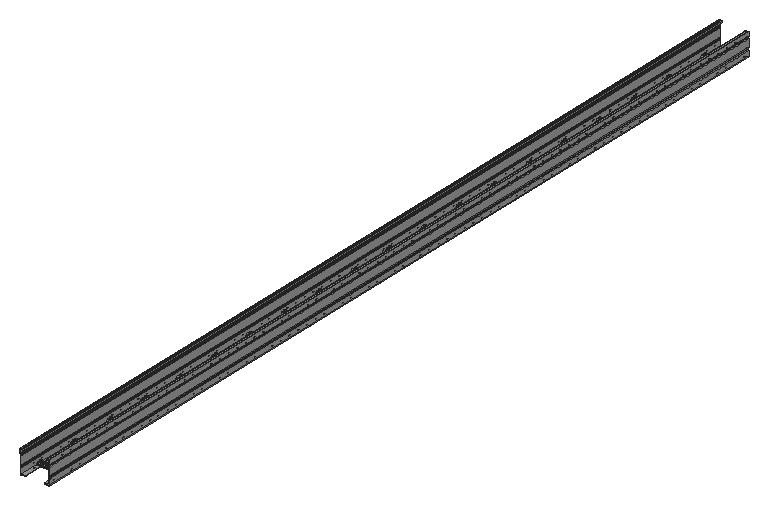
Revit family "Weitspannkabelleiter WKLG1620 FT,FS FT SO A4.23.08", category Generic Models, Revit 2017 (continued)
Dimensions and locks
  locked: Extrusion 16 sketch curve to Extrusion 16 sketch curve at 9
  locked: Extrusion 16 sketch curve to Extrusion 16 sketch curve at 25
  locked: Extrusion 17 sketch curve to Extrusion 17 sketch curve at 9
  locked: Extrusion 17 sketch curve to Extrusion 17 sketch curve at 25
  locked: Extrusion 18 sketch curve to Extrusion 18 sketch curve at 9
  locked: Extrusion 18 sketch curve to Extrusion 18 sketch curve at 25
  locked: Extrusion 19 sketch curve to Extrusion 19 sketch curve at 9
  locked: Extrusion 19 sketch curve to Extrusion 19 sketch curve at 25
  locked: Extrusion 20 sketch curve to Extrusion 20 sketch curve at 9
  locked: Extrusion 20 sketch curve to Extrusion 20 sketch curve at 25
  locked: Extrusion 21 sketch curve to Extrusion 21 sketch curve at 9
  locked: Extrusion 21 sketch curve to Extrusion 21 sketch curve at 25
  locked: Extrusion 22 sketch curve to Extrusion 22 sketch curve at 9
  locked: Extrusion 22 sketch curve to Extrusion 22 sketch curve at 25
  locked: Extrusion 23 sketch curve to Extrusion 23 sketch curve at 9
  locked: Extrusion 23 sketch curve to Extrusion 23 sketch curve at 25
  locked: Extrusion 24 sketch curve to Extrusion 24 sketch curve at 9
  locked: Extrusion 24 sketch curve to Extrusion 24 sketch curve at 25
  locked: Extrusion 25 sketch curve to Extrusion 25 sketch curve at 9
  locked: Extrusion 25 sketch curve to Extrusion 25 sketch curve at 25
  locked: Extrusion 26 sketch curve to Extrusion 26 sketch curve at 9
  locked: Extrusion 26 sketch curve to Extrusion 26 sketch curve at 25
  locked: Extrusion 27 sketch curve to Extrusion 27 sketch curve at 9
  locked: Extrusion 27 sketch curve to Extrusion 27 sketch curve at 25
  locked: Extrusion 28 sketch curve to Extrusion 28 sketch curve at 9
  locked: Extrusion 28 sketch curve to Extrusion 28 sketch curve at 25
  locked: Extrusion 29 sketch curve to Extrusion 29 sketch curve at 9
  locked: Extrusion 29 sketch curve to Extrusion 29 sketch curve at 25
  locked: Extrusion 30 sketch curve to Extrusion 30 sketch curve at 9
  locked: Extrusion 30 sketch curve to Extrusion 30 sketch curve at 25
  locked: Extrusion 31 sketch curve to Extrusion 31 sketch curve at 9
  locked: Extrusion 31 sketch curve to Extrusion 31 sketch curve at 25
  locked: Extrusion 32 sketch curve to Extrusion 32 sketch curve at 9
  locked: Extrusion 32 sketch curve to Extrusion 32 sketch curve at 25
  locked: Extrusion 33 sketch curve to Extrusion 33 sketch curve at 9
  locked: Extrusion 33 sketch curve to Extrusion 33 sketch curve at 25
  locked: Extrusion 34 sketch curve to Extrusion 34 sketch curve at 9
  locked: Extrusion 34 sketch curve to Extrusion 34 sketch curve at 25
  locked: Extrusion 35 sketch curve to Extrusion 35 sketch curve at 9
  locked: Extrusion 35 sketch curve to Extrusion 35 sketch curve at 25
  locked: Extrusion 36 sketch curve to Extrusion 36 sketch curve at 9
  locked: Extrusion 36 sketch curve to Extrusion 36 sketch curve at 25
  locked: Extrusion 37 sketch curve to Extrusion 37 sketch curve at 9
  locked: Extrusion 37 sketch curve to Extrusion 37 sketch curve at 25
  locked: Extrusion 38 sketch curve to Extrusion 38 sketch curve at 9
  locked: Extrusion 38 sketch curve to Extrusion 38 sketch curve at 25
  locked: Extrusion 39 sketch curve to Extrusion 39 sketch curve at 9
  locked: Extrusion 39 sketch curve to Extrusion 39 sketch curve at 25
  locked: Extrusion 40 sketch curve to Extrusion 40 sketch curve at 9
  locked: Extrusion 40 sketch curve to Extrusion 40 sketch curve at 25
  locked: Extrusion 41 sketch curve to Extrusion 41 sketch curve at 9
  locked: Extrusion 41 sketch curve to Extrusion 41 sketch curve at 25
  locked: Extrusion 42 sketch curve to Extrusion 42 sketch curve at 9
  locked: Extrusion 42 sketch curve to Extrusion 42 sketch curve at 25
  locked: Extrusion 43 sketch curve to Extrusion 43 sketch curve at 9
  locked: Extrusion 43 sketch curve to Extrusion 43 sketch curve at 25
  locked: Extrusion 44 sketch curve to Extrusion 44 sketch curve at 9
  locked: Extrusion 44 sketch curve to Extrusion 44 sketch curve at 25
  locked: Extrusion 45 sketch curve to Extrusion 45 sketch curve at 9
  locked: Extrusion 45 sketch curve to Extrusion 45 sketch curve at 25
  locked: Extrusion 46 sketch curve to Extrusion 46 sketch curve at 9
  locked: Extrusion 46 sketch curve to Extrusion 46 sketch curve at 25
  locked: Extrusion 47 sketch curve to Extrusion 47 sketch curve at 9
  locked: Extrusion 47 sketch curve to Extrusion 47 sketch curve at 25
  locked: Extrusion 48 sketch curve to Extrusion 48 sketch curve at 9
  locked: Extrusion 48 sketch curve to Extrusion 48 sketch curve at 25
  locked: Extrusion 49 sketch curve to Extrusion 49 sketch curve at 9
  locked: Extrusion 49 sketch curve to Extrusion 49 sketch curve at 25
  locked: Extrusion 50 sketch curve to Extrusion 50 sketch curve at 9
  locked: Extrusion 50 sketch curve to Extrusion 50 sketch curve at 25
  locked: Extrusion 51 sketch curve to Extrusion 51 sketch curve at 9
  locked: Extrusion 51 sketch curve to Extrusion 51 sketch curve at 25
  locked: Extrusion 52 sketch curve to Extrusion 52 sketch curve at 9
  locked: Extrusion 52 sketch curve to Extrusion 52 sketch curve at 25
  locked: Extrusion 53 sketch curve to Extrusion 53 sketch curve at 9
  locked: Extrusion 53 sketch curve to Extrusion 53 sketch curve at 25
  locked: Extrusion 54 sketch curve to Extrusion 54 sketch curve at 9
  locked: Extrusion 54 sketch curve to Extrusion 54 sketch curve at 25
  locked: Extrusion 55 sketch curve to Extrusion 55 sketch curve at 9
  locked: Extrusion 55 sketch curve to Extrusion 55 sketch curve at 25
  locked: Extrusion 56 sketch curve to Extrusion 56 sketch curve at 9
  locked: Extrusion 56 sketch curve to Extrusion 56 sketch curve at 25
  locked: Extrusion 57 sketch curve to Extrusion 57 sketch curve at 9
  locked: Extrusion 57 sketch curve to Extrusion 57 sketch curve at 25
  locked: Extrusion 58 sketch curve to Extrusion 58 sketch curve at 9
  locked: Extrusion 58 sketch curve to Extrusion 58 sketch curve at 25
  locked: Extrusion 59 sketch curve to Extrusion 59 sketch curve at 9
  locked: Extrusion 59 sketch curve to Extrusion 59 sketch curve at 25
  locked: Extrusion 60 sketch curve to Extrusion 60 sketch curve at 9
  locked: Extrusion 60 sketch curve to Extrusion 60 sketch curve at 25
  locked: Extrusion 61 sketch curve to Extrusion 61 sketch curve at 9
  locked: Extrusion 61 sketch curve to Extrusion 61 sketch curve at 25
  locked: Extrusion 62 sketch curve to Extrusion 62 sketch curve at 9
  locked: Extrusion 62 sketch curve to Extrusion 62 sketch curve at 25
  locked: Extrusion 63 sketch curve to Extrusion 63 sketch curve at 9
  locked: Extrusion 63 sketch curve to Extrusion 63 sketch curve at 25
  locked: Extrusion 64 sketch curve to Extrusion 64 sketch curve at 9
  locked: Extrusion 64 sketch curve to Extrusion 64 sketch curve at 25
  locked: Extrusion 65 sketch curve to Extrusion 65 sketch curve at 9
  locked: Extrusion 65 sketch curve to Extrusion 65 sketch curve at 25
  locked: Extrusion 66 sketch curve to Extrusion 66 sketch curve at 9
  locked: Extrusion 66 sketch curve to Extrusion 66 sketch curve at 25
  locked: Extrusion 67 sketch curve to Extrusion 67 sketch curve at 9
  locked: Extrusion 67 sketch curve to Extrusion 67 sketch curve at 25
  locked: Extrusion 68 sketch curve to Extrusion 68 sketch curve at 9
  locked: Extrusion 68 sketch curve to Extrusion 68 sketch curve at 25
  locked: Extrusion 69 sketch curve to Extrusion 69 sketch curve at 9
  locked: Extrusion 69 sketch curve to Extrusion 69 sketch curve at 25
  locked: Extrusion 70 sketch curve to Extrusion 70 sketch curve at 9
  locked: Extrusion 70 sketch curve to Extrusion 70 sketch curve at 25
  locked: Extrusion 71 sketch curve to Extrusion 71 sketch curve at 9
  locked: Extrusion 71 sketch curve to Extrusion 71 sketch curve at 25
  locked: Extrusion 72 sketch curve to Extrusion 72 sketch curve at 9
  locked: Extrusion 72 sketch curve to Extrusion 72 sketch curve at 25
  locked: Extrusion 73 sketch curve to Extrusion 73 sketch curve at 9
  locked: Extrusion 73 sketch curve to Extrusion 73 sketch curve at 25
  locked: Extrusion 74 sketch curve to Extrusion 74 sketch curve at 9
  locked: Extrusion 74 sketch curve to Extrusion 74 sketch curve at 25
  locked: Extrusion 75 sketch curve to Extrusion 75 sketch curve at 9
  locked: Extrusion 75 sketch curve to Extrusion 75 sketch curve at 25
  locked: Extrusion 76 sketch curve to Extrusion 76 sketch curve at 9
  locked: Extrusion 76 sketch curve to Extrusion 76 sketch curve at 25
  locked: Extrusion 77 sketch curve to Extrusion 77 sketch curve at 9
  locked: Extrusion 77 sketch curve to Extrusion 77 sketch curve at 25
  locked: Extrusion 78 sketch curve to Extrusion 78 sketch curve at 9
  locked: Extrusion 78 sketch curve to Extrusion 78 sketch curve at 25
  locked: Extrusion 79 sketch curve to Extrusion 79 sketch curve at 9
  locked: Extrusion 79 sketch curve to Extrusion 79 sketch curve at 25
  locked: Extrusion 80 sketch curve to Extrusion 80 sketch curve at 9
  locked: Extrusion 80 sketch curve to Extrusion 80 sketch curve at 25
  locked: Extrusion 81 sketch curve to Extrusion 81 sketch curve at 9
  locked: Extrusion 81 sketch curve to Extrusion 81 sketch curve at 25
  locked: Extrusion 82 sketch curve to Extrusion 82 sketch curve at 9
  locked: Extrusion 82 sketch curve to Extrusion 82 sketch curve at 25
  locked: Extrusion 83 sketch curve to Extrusion 83 sketch curve at 9
  locked: Extrusion 83 sketch curve to Extrusion 83 sketch curve at 25
  equal spacing: group 81, group 82, group 83, group 84, group 85, group 86, group 87, group 88, group 89, group 90, group 91, group 92, group 93, group 94, group 95, group 96, group 97, group 98, group 99, group 100, group 101, group 102, group 103, group 104, group 105, group 106, group 107, group 108, group 109, group 110, group 111, group 112, group 113, group 114, group 115, group 116, group 117, group 118, group 119, group 120, group 121, group 122, group 123, group 124, group 125, group 126, group 127, group 128, group 129, group 130, group 131, group 132, group 133, group 134, group 135, group 136, group 137, group 138, group 139, group 140, group 141, group 142, group 143, group 144, group 145, group 146, group 147, group 148, group 149, group 150, group 151, group 152, group 153, group 154, group 155, group 156, group 157, group 158, group 159, group 160  (x3)
  locked: Extrusion 84 sketch curve to Extrusion 84 sketch curve at 9
  locked: Extrusion 84 sketch curve to Extrusion 84 sketch curve at 25
  locked: Extrusion 85 sketch curve to Extrusion 85 sketch curve at 9
  locked: Extrusion 85 sketch curve to Extrusion 85 sketch curve at 25
  locked: Extrusion 86 sketch curve to Extrusion 86 sketch curve at 9
  locked: Extrusion 86 sketch curve to Extrusion 86 sketch curve at 25
  locked: Extrusion 87 sketch curve to Extrusion 87 sketch curve at 9
  locked: Extrusion 87 sketch curve to Extrusion 87 sketch curve at 25
  locked: Extrusion 88 sketch curve to Extrusion 88 sketch curve at 9
  locked: Extrusion 88 sketch curve to Extrusion 88 sketch curve at 25
  locked: Extrusion 89 sketch curve to Extrusion 89 sketch curve at 9
  locked: Extrusion 89 sketch curve to Extrusion 89 sketch curve at 25
  locked: Extrusion 90 sketch curve to Extrusion 90 sketch curve at 9
  locked: Extrusion 90 sketch curve to Extrusion 90 sketch curve at 25
  locked: Extrusion 91 sketch curve to Extrusion 91 sketch curve at 9
  locked: Extrusion 91 sketch curve to Extrusion 91 sketch curve at 25
  locked: Extrusion 92 sketch curve to Extrusion 92 sketch curve at 9
  locked: Extrusion 92 sketch curve to Extrusion 92 sketch curve at 25
  locked: Extrusion 93 sketch curve to Extrusion 93 sketch curve at 9
  locked: Extrusion 93 sketch curve to Extrusion 93 sketch curve at 25
  locked: Extrusion 94 sketch curve to Extrusion 94 sketch curve at 9
  locked: Extrusion 94 sketch curve to Extrusion 94 sketch curve at 25
  locked: Extrusion 95 sketch curve to Extrusion 95 sketch curve at 9
  locked: Extrusion 95 sketch curve to Extrusion 95 sketch curve at 25
  locked: Extrusion 96 sketch curve to Extrusion 96 sketch curve at 9
  locked: Extrusion 96 sketch curve to Extrusion 96 sketch curve at 25
  locked: Extrusion 97 sketch curve to Extrusion 97 sketch curve at 9
  locked: Extrusion 97 sketch curve to Extrusion 97 sketch curve at 25
  locked: Extrusion 98 sketch curve to Extrusion 98 sketch curve at 9
  locked: Extrusion 98 sketch curve to Extrusion 98 sketch curve at 25
  locked: Extrusion 99 sketch curve to Extrusion 99 sketch curve at 9
  locked: Extrusion 99 sketch curve to Extrusion 99 sketch curve at 25
  locked: Extrusion 100 sketch curve to Extrusion 100 sketch curve at 9
  locked: Extrusion 100 sketch curve to Extrusion 100 sketch curve at 25
  locked: Extrusion 101 sketch curve to Extrusion 101 sketch curve at 9
  locked: Extrusion 101 sketch curve to Extrusion 101 sketch curve at 25
  locked: Extrusion 102 sketch curve to Extrusion 102 sketch curve at 9
  locked: Extrusion 102 sketch curve to Extrusion 102 sketch curve at 25
  locked: Extrusion 103 sketch curve to Extrusion 103 sketch curve at 9
  locked: Extrusion 103 sketch curve to Extrusion 103 sketch curve at 25
  locked: Extrusion 104 sketch curve to Extrusion 104 sketch curve at 9
  locked: Extrusion 104 sketch curve to Extrusion 104 sketch curve at 25
  locked: Extrusion 105 sketch curve to Extrusion 105 sketch curve at 9
  locked: Extrusion 105 sketch curve to Extrusion 105 sketch curve at 25
  locked: Extrusion 106 sketch curve to Extrusion 106 sketch curve at 9
  locked: Extrusion 106 sketch curve to Extrusion 106 sketch curve at 25
  locked: Extrusion 107 sketch curve to Extrusion 107 sketch curve at 9
  locked: Extrusion 107 sketch curve to Extrusion 107 sketch curve at 25
  locked: Extrusion 108 sketch curve to Extrusion 108 sketch curve at 9
  locked: Extrusion 108 sketch curve to Extrusion 108 sketch curve at 25
  locked: Extrusion 109 sketch curve to Extrusion 109 sketch curve at 9
  locked: Extrusion 109 sketch curve to Extrusion 109 sketch curve at 25
  locked: Extrusion 110 sketch curve to Extrusion 110 sketch curve at 9
  locked: Extrusion 110 sketch curve to Extrusion 110 sketch curve at 25
  locked: Extrusion 111 sketch curve to Extrusion 111 sketch curve at 9
  locked: Extrusion 111 sketch curve to Extrusion 111 sketch curve at 25
  locked: Extrusion 112 sketch curve to Extrusion 112 sketch curve at 9
  locked: Extrusion 112 sketch curve to Extrusion 112 sketch curve at 25
  locked: Extrusion 113 sketch curve to Extrusion 113 sketch curve at 9
  locked: Extrusion 113 sketch curve to Extrusion 113 sketch curve at 25
  locked: Extrusion 114 sketch curve to Extrusion 114 sketch curve at 9
  locked: Extrusion 114 sketch curve to Extrusion 114 sketch curve at 25
  locked: Extrusion 115 sketch curve to Extrusion 115 sketch curve at 9
  locked: Extrusion 115 sketch curve to Extrusion 115 sketch curve at 25
  locked: Extrusion 116 sketch curve to Extrusion 116 sketch curve at 9
  locked: Extrusion 116 sketch curve to Extrusion 116 sketch curve at 25
  locked: Extrusion 117 sketch curve to Extrusion 117 sketch curve at 9
  locked: Extrusion 117 sketch curve to Extrusion 117 sketch curve at 25
  locked: Extrusion 118 sketch curve to Extrusion 118 sketch curve at 9
  locked: Extrusion 118 sketch curve to Extrusion 118 sketch curve at 25
  locked: Extrusion 119 sketch curve to Extrusion 119 sketch curve at 9
  locked: Extrusion 119 sketch curve to Extrusion 119 sketch curve at 25
  locked: Extrusion 120 sketch curve to Extrusion 120 sketch curve at 9
  locked: Extrusion 120 sketch curve to Extrusion 120 sketch curve at 25
  locked: Extrusion 121 sketch curve to Extrusion 121 sketch curve at 9
  locked: Extrusion 121 sketch curve to Extrusion 121 sketch curve at 25
  locked: Extrusion 122 sketch curve to Extrusion 122 sketch curve at 9
  locked: Extrusion 122 sketch curve to Extrusion 122 sketch curve at 25
  locked: Extrusion 123 sketch curve to Extrusion 123 sketch curve at 9
  locked: Extrusion 123 sketch curve to Extrusion 123 sketch curve at 25
  locked: Extrusion 124 sketch curve to Extrusion 124 sketch curve at 9
  locked: Extrusion 124 sketch curve to Extrusion 124 sketch curve at 25
  locked: Extrusion 125 sketch curve to Extrusion 125 sketch curve at 9
  locked: Extrusion 125 sketch curve to Extrusion 125 sketch curve at 25
  locked: Extrusion 126 sketch curve to Extrusion 126 sketch curve at 9
  locked: Extrusion 126 sketch curve to Extrusion 126 sketch curve at 25
  locked: Extrusion 127 sketch curve to Extrusion 127 sketch curve at 9
  locked: Extrusion 127 sketch curve to Extrusion 127 sketch curve at 25
  locked: Extrusion 128 sketch curve to Extrusion 128 sketch curve at 9
  locked: Extrusion 128 sketch curve to Extrusion 128 sketch curve at 25
  locked: Extrusion 129 sketch curve to Extrusion 129 sketch curve at 9
  locked: Extrusion 129 sketch curve to Extrusion 129 sketch curve at 25
  locked: Extrusion 130 sketch curve to Extrusion 130 sketch curve at 9
  locked: Extrusion 130 sketch curve to Extrusion 130 sketch curve at 25
  locked: Extrusion 131 sketch curve to Extrusion 131 sketch curve at 9
  locked: Extrusion 131 sketch curve to Extrusion 131 sketch curve at 25
  locked: Extrusion 132 sketch curve to Extrusion 132 sketch curve at 9
  locked: Extrusion 132 sketch curve to Extrusion 132 sketch curve at 25
  locked: Extrusion 133 sketch curve to Extrusion 133 sketch curve at 9
  locked: Extrusion 133 sketch curve to Extrusion 133 sketch curve at 25
  locked: Extrusion 134 sketch curve to Extrusion 134 sketch curve at 9
  locked: Extrusion 134 sketch curve to Extrusion 134 sketch curve at 25
  locked: Extrusion 135 sketch curve to Extrusion 135 sketch curve at 9
  locked: Extrusion 135 sketch curve to Extrusion 135 sketch curve at 25
  locked: Extrusion 136 sketch curve to Extrusion 136 sketch curve at 9
  locked: Extrusion 136 sketch curve to Extrusion 136 sketch curve at 25
  locked: Extrusion 137 sketch curve to Extrusion 137 sketch curve at 9
  locked: Extrusion 137 sketch curve to Extrusion 137 sketch curve at 25
  locked: Extrusion 138 sketch curve to Extrusion 138 sketch curve at 9
  locked: Extrusion 138 sketch curve to Extrusion 138 sketch curve at 25
  locked: Extrusion 139 sketch curve to Extrusion 139 sketch curve at 9
  locked: Extrusion 139 sketch curve to Extrusion 139 sketch curve at 25
  locked: Extrusion 140 sketch curve to Extrusion 140 sketch curve at 9
  locked: Extrusion 140 sketch curve to Extrusion 140 sketch curve at 25
  locked: Extrusion 141 sketch curve to Extrusion 141 sketch curve at 9
  locked: Extrusion 141 sketch curve to Extrusion 141 sketch curve at 25
  locked: Extrusion 142 sketch curve to Extrusion 142 sketch curve at 9
  locked: Extrusion 142 sketch curve to Extrusion 142 sketch curve at 25
  locked: Extrusion 143 sketch curve to Extrusion 143 sketch curve at 9
  locked: Extrusion 143 sketch curve to Extrusion 143 sketch curve at 25
  locked: Extrusion 144 sketch curve to Extrusion 144 sketch curve at 9
  locked: Extrusion 144 sketch curve to Extrusion 144 sketch curve at 25
  locked: Extrusion 145 sketch curve to Extrusion 145 sketch curve at 9
  locked: Extrusion 145 sketch curve to Extrusion 145 sketch curve at 25
  locked: Extrusion 146 sketch curve to Extrusion 146 sketch curve at 9
  locked: Extrusion 146 sketch curve to Extrusion 146 sketch curve at 25
  locked: Extrusion 147 sketch curve to Extrusion 147 sketch curve at 9
  locked: Extrusion 147 sketch curve to Extrusion 147 sketch curve at 25
  locked: Extrusion 148 sketch curve to Extrusion 148 sketch curve at 9
  locked: Extrusion 148 sketch curve to Extrusion 148 sketch curve at 25
  locked: Extrusion 149 sketch curve to Extrusion 149 sketch curve at 9
  locked: Extrusion 149 sketch curve to Extrusion 149 sketch curve at 25
  locked: Extrusion 150 sketch curve to Extrusion 150 sketch curve at 9
  locked: Extrusion 150 sketch curve to Extrusion 150 sketch curve at 25
  locked: Extrusion 151 sketch curve to Extrusion 151 sketch curve at 9
  locked: Extrusion 151 sketch curve to Extrusion 151 sketch curve at 25
  locked: Extrusion 152 sketch curve to Extrusion 152 sketch curve at 9
  locked: Extrusion 152 sketch curve to Extrusion 152 sketch curve at 25
  locked: Extrusion 153 sketch curve to Extrusion 153 sketch curve at 9
  locked: Extrusion 153 sketch curve to Extrusion 153 sketch curve at 25
  locked: Extrusion 154 sketch curve to Extrusion 154 sketch curve at 9
  locked: Extrusion 154 sketch curve to Extrusion 154 sketch curve at 25
  locked: Extrusion 155 sketch curve to Extrusion 155 sketch curve at 9
  locked: Extrusion 155 sketch curve to Extrusion 155 sketch curve at 25
  locked: Extrusion 156 sketch curve to Extrusion 156 sketch curve at 9
  locked: Extrusion 156 sketch curve to Extrusion 156 sketch curve at 25
  locked: Extrusion 157 sketch curve to Extrusion 157 sketch curve at 9
  locked: Extrusion 157 sketch curve to Extrusion 157 sketch curve at 25
  locked: Extrusion 158 sketch curve to Extrusion 158 sketch curve at 9
  locked: Extrusion 158 sketch curve to Extrusion 158 sketch curve at 25
  locked: Extrusion 159 sketch curve to Extrusion 159 sketch curve at 9
  locked: Extrusion 159 sketch curve to Extrusion 159 sketch curve at 25
  locked: Extrusion 160 sketch curve to Extrusion 160 sketch curve at 9
  locked: Extrusion 160 sketch curve to Extrusion 160 sketch curve at 25
  locked: Extrusion 161 sketch curve to Extrusion 161 sketch curve at 9
  locked: Extrusion 161 sketch curve to Extrusion 161 sketch curve at 25
  locked: Extrusion 162 sketch curve to Extrusion 162 sketch curve at 25
  locked: Extrusion 162 sketch curve to Extrusion 162 sketch curve at 9
  locked: Extrusion 163 sketch curve to Extrusion 163 sketch curve at 25
  locked: Extrusion 163 sketch curve to Extrusion 163 sketch curve at 9
  equal spacing: group 161, group 162, group 163, group 164, group 165, group 166, group 167, group 168, group 169, group 170, group 171, group 172, group 173, group 174, group 175, group 176, group 177, group 178, group 179, group 180, group 181, group 182, group 183, group 184, group 185, group 186, group 187, group 188, group 189, group 190, group 191, group 192, group 193, group 194, group 195, group 196, group 197, group 198, group 199, group 200, group 201, group 202, group 203, group 204, group 205, group 206, group 207, group 208, group 209, group 210, group 211, group 212, group 213, group 214, group 215, group 216, group 217, group 218, group 219, group 220, group 221, group 222, group 223, group 224, group 225, group 226, group 227, group 228, group 229, group 230, group 231, group 232, group 233, group 234, group 235, group 236, group 237, group 238, group 239, group 240  (x3)
  locked: Extrusion 164 sketch curve to Extrusion 164 sketch curve at 25
  locked: Extrusion 164 sketch curve to Extrusion 164 sketch curve at 9
  locked: Extrusion 165 sketch curve to Extrusion 165 sketch curve at 25
  locked: Extrusion 165 sketch curve to Extrusion 165 sketch curve at 9
  locked: Extrusion 166 sketch curve to Extrusion 166 sketch curve at 25
  locked: Extrusion 166 sketch curve to Extrusion 166 sketch curve at 9
  locked: Extrusion 167 sketch curve to Extrusion 167 sketch curve at 25
  locked: Extrusion 167 sketch curve to Extrusion 167 sketch curve at 9
  locked: Extrusion 168 sketch curve to Extrusion 168 sketch curve at 25
  locked: Extrusion 168 sketch curve to Extrusion 168 sketch curve at 9
  locked: Extrusion 169 sketch curve to Extrusion 169 sketch curve at 25
  locked: Extrusion 169 sketch curve to Extrusion 169 sketch curve at 9
  locked: Extrusion 170 sketch curve to Extrusion 170 sketch curve at 25
  locked: Extrusion 170 sketch curve to Extrusion 170 sketch curve at 9
  locked: Extrusion 171 sketch curve to Extrusion 171 sketch curve at 25
  locked: Extrusion 171 sketch curve to Extrusion 171 sketch curve at 9
  locked: Extrusion 172 sketch curve to Extrusion 172 sketch curve at 25
  locked: Extrusion 172 sketch curve to Extrusion 172 sketch curve at 9
  locked: Extrusion 173 sketch curve to Extrusion 173 sketch curve at 25
  locked: Extrusion 173 sketch curve to Extrusion 173 sketch curve at 9
  locked: Extrusion 174 sketch curve to Extrusion 174 sketch curve at 25
  locked: Extrusion 174 sketch curve to Extrusion 174 sketch curve at 9
  locked: Extrusion 175 sketch curve to Extrusion 175 sketch curve at 25
  locked: Extrusion 175 sketch curve to Extrusion 175 sketch curve at 9
  locked: Extrusion 176 sketch curve to Extrusion 176 sketch curve at 25
  locked: Extrusion 176 sketch curve to Extrusion 176 sketch curve at 9
  locked: Extrusion 177 sketch curve to Extrusion 177 sketch curve at 25
  locked: Extrusion 177 sketch curve to Extrusion 177 sketch curve at 9
  locked: Extrusion 178 sketch curve to Extrusion 178 sketch curve at 25
  locked: Extrusion 178 sketch curve to Extrusion 178 sketch curve at 9
  locked: Extrusion 179 sketch curve to Extrusion 179 sketch curve at 25
  locked: Extrusion 179 sketch curve to Extrusion 179 sketch curve at 9
  locked: Extrusion 180 sketch curve to Extrusion 180 sketch curve at 25
  locked: Extrusion 180 sketch curve to Extrusion 180 sketch curve at 9
  locked: Extrusion 181 sketch curve to Extrusion 181 sketch curve at 25
  locked: Extrusion 181 sketch curve to Extrusion 181 sketch curve at 9
  locked: Extrusion 182 sketch curve to Extrusion 182 sketch curve at 25
  locked: Extrusion 182 sketch curve to Extrusion 182 sketch curve at 9
  locked: Extrusion 183 sketch curve to Extrusion 183 sketch curve at 25
  locked: Extrusion 183 sketch curve to Extrusion 183 sketch curve at 9
  locked: Extrusion 184 sketch curve to Extrusion 184 sketch curve at 25
  locked: Extrusion 184 sketch curve to Extrusion 184 sketch curve at 9
  locked: Extrusion 185 sketch curve to Extrusion 185 sketch curve at 25
  locked: Extrusion 185 sketch curve to Extrusion 185 sketch curve at 9
  locked: Extrusion 186 sketch curve to Extrusion 186 sketch curve at 25
  locked: Extrusion 186 sketch curve to Extrusion 186 sketch curve at 9
  locked: Extrusion 187 sketch curve to Extrusion 187 sketch curve at 25
  locked: Extrusion 187 sketch curve to Extrusion 187 sketch curve at 9
  locked: Extrusion 188 sketch curve to Extrusion 188 sketch curve at 25
  locked: Extrusion 188 sketch curve to Extrusion 188 sketch curve at 9
  locked: Extrusion 189 sketch curve to Extrusion 189 sketch curve at 25
  locked: Extrusion 189 sketch curve to Extrusion 189 sketch curve at 9
  locked: Extrusion 190 sketch curve to Extrusion 190 sketch curve at 25
  locked: Extrusion 190 sketch curve to Extrusion 190 sketch curve at 9
  locked: Extrusion 191 sketch curve to Extrusion 191 sketch curve at 25
  locked: Extrusion 191 sketch curve to Extrusion 191 sketch curve at 9
  locked: Extrusion 192 sketch curve to Extrusion 192 sketch curve at 25
  locked: Extrusion 192 sketch curve to Extrusion 192 sketch curve at 9
  locked: Extrusion 193 sketch curve to Extrusion 193 sketch curve at 25
  locked: Extrusion 193 sketch curve to Extrusion 193 sketch curve at 9
  locked: Extrusion 194 sketch curve to Extrusion 194 sketch curve at 25
  locked: Extrusion 194 sketch curve to Extrusion 194 sketch curve at 9
  locked: Extrusion 195 sketch curve to Extrusion 195 sketch curve at 25
  locked: Extrusion 195 sketch curve to Extrusion 195 sketch curve at 9
  locked: Extrusion 196 sketch curve to Extrusion 196 sketch curve at 25
  locked: Extrusion 196 sketch curve to Extrusion 196 sketch curve at 9
  locked: Extrusion 197 sketch curve to Extrusion 197 sketch curve at 25
  locked: Extrusion 197 sketch curve to Extrusion 197 sketch curve at 9
  locked: Extrusion 198 sketch curve to Extrusion 198 sketch curve at 25
  locked: Extrusion 198 sketch curve to Extrusion 198 sketch curve at 9
  locked: Extrusion 199 sketch curve to Extrusion 199 sketch curve at 25
  locked: Extrusion 199 sketch curve to Extrusion 199 sketch curve at 9
  locked: Extrusion 200 sketch curve to Extrusion 200 sketch curve at 25
  locked: Extrusion 200 sketch curve to Extrusion 200 sketch curve at 9
  locked: Extrusion 201 sketch curve to Extrusion 201 sketch curve at 25
  locked: Extrusion 201 sketch curve to Extrusion 201 sketch curve at 9
  locked: Extrusion 202 sketch curve to Extrusion 202 sketch curve at 25
  locked: Extrusion 202 sketch curve to Extrusion 202 sketch curve at 9
  locked: Extrusion 203 sketch curve to Extrusion 203 sketch curve at 25
  locked: Extrusion 203 sketch curve to Extrusion 203 sketch curve at 9
  locked: Extrusion 204 sketch curve to Extrusion 204 sketch curve at 25
  locked: Extrusion 204 sketch curve to Extrusion 204 sketch curve at 9
  locked: Extrusion 205 sketch curve to Extrusion 205 sketch curve at 25
  locked: Extrusion 205 sketch curve to Extrusion 205 sketch curve at 9
  locked: Extrusion 206 sketch curve to Extrusion 206 sketch curve at 25
  locked: Extrusion 206 sketch curve to Extrusion 206 sketch curve at 9
  locked: Extrusion 207 sketch curve to Extrusion 207 sketch curve at 25
  locked: Extrusion 207 sketch curve to Extrusion 207 sketch curve at 9
  locked: Extrusion 208 sketch curve to Extrusion 208 sketch curve at 25
  locked: Extrusion 208 sketch curve to Extrusion 208 sketch curve at 9
  locked: Extrusion 209 sketch curve to Extrusion 209 sketch curve at 25
  locked: Extrusion 209 sketch curve to Extrusion 209 sketch curve at 9
  locked: Extrusion 210 sketch curve to Extrusion 210 sketch curve at 25
  locked: Extrusion 210 sketch curve to Extrusion 210 sketch curve at 9
  locked: Extrusion 211 sketch curve to Extrusion 211 sketch curve at 25
  locked: Extrusion 211 sketch curve to Extrusion 211 sketch curve at 9
  locked: Extrusion 212 sketch curve to Extrusion 212 sketch curve at 25
  locked: Extrusion 212 sketch curve to Extrusion 212 sketch curve at 9
  locked: Extrusion 213 sketch curve to Extrusion 213 sketch curve at 25
  locked: Extrusion 213 sketch curve to Extrusion 213 sketch curve at 9
  locked: Extrusion 214 sketch curve to Extrusion 214 sketch curve at 25
  locked: Extrusion 214 sketch curve to Extrusion 214 sketch curve at 9
  locked: Extrusion 215 sketch curve to Extrusion 215 sketch curve at 25
  locked: Extrusion 215 sketch curve to Extrusion 215 sketch curve at 9
  locked: Extrusion 216 sketch curve to Extrusion 216 sketch curve at 25
  locked: Extrusion 216 sketch curve to Extrusion 216 sketch curve at 9
  locked: Extrusion 217 sketch curve to Extrusion 217 sketch curve at 25
  locked: Extrusion 217 sketch curve to Extrusion 217 sketch curve at 9
  locked: Extrusion 218 sketch curve to Extrusion 218 sketch curve at 25
  locked: Extrusion 218 sketch curve to Extrusion 218 sketch curve at 9
  locked: Extrusion 219 sketch curve to Extrusion 219 sketch curve at 25
  locked: Extrusion 219 sketch curve to Extrusion 219 sketch curve at 9
  locked: Extrusion 220 sketch curve to Extrusion 220 sketch curve at 25
  locked: Extrusion 220 sketch curve to Extrusion 220 sketch curve at 9
  locked: Extrusion 221 sketch curve to Extrusion 221 sketch curve at 25
  locked: Extrusion 221 sketch curve to Extrusion 221 sketch curve at 9
  locked: Extrusion 222 sketch curve to Extrusion 222 sketch curve at 25
  locked: Extrusion 222 sketch curve to Extrusion 222 sketch curve at 9
  locked: Extrusion 223 sketch curve to Extrusion 223 sketch curve at 25
  locked: Extrusion 223 sketch curve to Extrusion 223 sketch curve at 9
  locked: Extrusion 224 sketch curve to Extrusion 224 sketch curve at 25
  locked: Extrusion 224 sketch curve to Extrusion 224 sketch curve at 9
  locked: Extrusion 225 sketch curve to Extrusion 225 sketch curve at 25
  locked: Extrusion 225 sketch curve to Extrusion 225 sketch curve at 9
  locked: Extrusion 226 sketch curve to Extrusion 226 sketch curve at 25
  locked: Extrusion 226 sketch curve to Extrusion 226 sketch curve at 9
  locked: Extrusion 227 sketch curve to Extrusion 227 sketch curve at 25
  locked: Extrusion 227 sketch curve to Extrusion 227 sketch curve at 9
  locked: Extrusion 228 sketch curve to Extrusion 228 sketch curve at 25
  locked: Extrusion 228 sketch curve to Extrusion 228 sketch curve at 9
  locked: Extrusion 229 sketch curve to Extrusion 229 sketch curve at 25
  locked: Extrusion 229 sketch curve to Extrusion 229 sketch curve at 9
  locked: Extrusion 230 sketch curve to Extrusion 230 sketch curve at 25
  locked: Extrusion 230 sketch curve to Extrusion 230 sketch curve at 9
  locked: Extrusion 231 sketch curve to Extrusion 231 sketch curve at 25
  locked: Extrusion 231 sketch curve to Extrusion 231 sketch curve at 9
  locked: Extrusion 232 sketch curve to Extrusion 232 sketch curve at 25
  locked: Extrusion 232 sketch curve to Extrusion 232 sketch curve at 9
  locked: Extrusion 233 sketch curve to Extrusion 233 sketch curve at 25
  locked: Extrusion 233 sketch curve to Extrusion 233 sketch curve at 9
  locked: Extrusion 234 sketch curve to Extrusion 234 sketch curve at 25
  locked: Extrusion 234 sketch curve to Extrusion 234 sketch curve at 9
  locked: Extrusion 235 sketch curve to Extrusion 235 sketch curve at 25
  locked: Extrusion 235 sketch curve to Extrusion 235 sketch curve at 9
  locked: Extrusion 236 sketch curve to Extrusion 236 sketch curve at 25
  locked: Extrusion 236 sketch curve to Extrusion 236 sketch curve at 9
  locked: Extrusion 237 sketch curve to Extrusion 237 sketch curve at 25
  locked: Extrusion 237 sketch curve to Extrusion 237 sketch curve at 9
  locked: Extrusion 238 sketch curve to Extrusion 238 sketch curve at 25
  locked: Extrusion 238 sketch curve to Extrusion 238 sketch curve at 9
  locked: Extrusion 239 sketch curve to Extrusion 239 sketch curve at 25
  locked: Extrusion 239 sketch curve to Extrusion 239 sketch curve at 9
  locked: Extrusion 240 sketch curve to Extrusion 240 sketch curve at 25
  locked: Extrusion 240 sketch curve to Extrusion 240 sketch curve at 9
  locked: Extrusion 241 sketch curve to Extrusion 241 sketch curve at 25
  locked: Extrusion 241 sketch curve to Extrusion 241 sketch curve at 9
  locked: Extrusion 242 sketch curve to Extrusion 242 sketch curve at 25
  locked: Extrusion 242 sketch curve to Extrusion 242 sketch curve at 9
  locked: Extrusion 243 sketch curve to Extrusion 243 sketch curve at 25
  locked: Extrusion 243 sketch curve to Extrusion 243 sketch curve at 9
  equal spacing: group 241, group 242, group 243, group 244, group 245, group 246, group 247, group 248, group 249, group 250, group 251, group 252, group 253, group 254, group 255, group 256, group 257, group 258, group 259, group 260, group 261, group 262, group 263, group 264, group 265, group 266, group 267, group 268, group 269, group 270, group 271, group 272, group 273, group 274, group 275, group 276, group 277, group 278, group 279, group 280, group 281, group 282, group 283, group 284, group 285, group 286, group 287, group 288, group 289, group 290, group 291, group 292, group 293, group 294, group 295, group 296, group 297, group 298, group 299, group 300, group 301, group 302, group 303, group 304, group 305, group 306, group 307, group 308, group 309, group 310, group 311, group 312, group 313, group 314, group 315, group 316, group 317, group 318, group 319, group 320  (x3)
  locked: Extrusion 244 sketch curve to Extrusion 244 sketch curve at 25
  locked: Extrusion 244 sketch curve to Extrusion 244 sketch curve at 9
  locked: Extrusion 245 sketch curve to Extrusion 245 sketch curve at 25
  locked: Extrusion 245 sketch curve to Extrusion 245 sketch curve at 9
  locked: Extrusion 246 sketch curve to Extrusion 246 sketch curve at 25
  locked: Extrusion 246 sketch curve to Extrusion 246 sketch curve at 9
  locked: Extrusion 247 sketch curve to Extrusion 247 sketch curve at 25
  locked: Extrusion 247 sketch curve to Extrusion 247 sketch curve at 9
  locked: Extrusion 248 sketch curve to Extrusion 248 sketch curve at 25
  locked: Extrusion 248 sketch curve to Extrusion 248 sketch curve at 9
  locked: Extrusion 249 sketch curve to Extrusion 249 sketch curve at 25
  locked: Extrusion 249 sketch curve to Extrusion 249 sketch curve at 9
  locked: Extrusion 250 sketch curve to Extrusion 250 sketch curve at 25
  locked: Extrusion 250 sketch curve to Extrusion 250 sketch curve at 9
  locked: Extrusion 251 sketch curve to Extrusion 251 sketch curve at 25
  locked: Extrusion 251 sketch curve to Extrusion 251 sketch curve at 9
  locked: Extrusion 252 sketch curve to Extrusion 252 sketch curve at 25
  locked: Extrusion 252 sketch curve to Extrusion 252 sketch curve at 9
  locked: Extrusion 253 sketch curve to Extrusion 253 sketch curve at 25
  locked: Extrusion 253 sketch curve to Extrusion 253 sketch curve at 9
  locked: Extrusion 254 sketch curve to Extrusion 254 sketch curve at 25
  locked: Extrusion 254 sketch curve to Extrusion 254 sketch curve at 9
  locked: Extrusion 255 sketch curve to Extrusion 255 sketch curve at 25
  locked: Extrusion 255 sketch curve to Extrusion 255 sketch curve at 9
  locked: Extrusion 256 sketch curve to Extrusion 256 sketch curve at 25
  locked: Extrusion 256 sketch curve to Extrusion 256 sketch curve at 9
  locked: Extrusion 257 sketch curve to Extrusion 257 sketch curve at 25
  locked: Extrusion 257 sketch curve to Extrusion 257 sketch curve at 9
  locked: Extrusion 258 sketch curve to Extrusion 258 sketch curve at 25
  locked: Extrusion 258 sketch curve to Extrusion 258 sketch curve at 9
  locked: Extrusion 259 sketch curve to Extrusion 259 sketch curve at 25
  locked: Extrusion 259 sketch curve to Extrusion 259 sketch curve at 9
  locked: Extrusion 260 sketch curve to Extrusion 260 sketch curve at 25
  locked: Extrusion 260 sketch curve to Extrusion 260 sketch curve at 9
  locked: Extrusion 261 sketch curve to Extrusion 261 sketch curve at 25
  locked: Extrusion 261 sketch curve to Extrusion 261 sketch curve at 9
  locked: Extrusion 262 sketch curve to Extrusion 262 sketch curve at 25
  locked: Extrusion 262 sketch curve to Extrusion 262 sketch curve at 9
  locked: Extrusion 263 sketch curve to Extrusion 263 sketch curve at 25
  locked: Extrusion 263 sketch curve to Extrusion 263 sketch curve at 9
  locked: Extrusion 264 sketch curve to Extrusion 264 sketch curve at 25
  locked: Extrusion 264 sketch curve to Extrusion 264 sketch curve at 9
  locked: Extrusion 265 sketch curve to Extrusion 265 sketch curve at 25
  locked: Extrusion 265 sketch curve to Extrusion 265 sketch curve at 9
  locked: Extrusion 266 sketch curve to Extrusion 266 sketch curve at 25
  locked: Extrusion 266 sketch curve to Extrusion 266 sketch curve at 9
  locked: Extrusion 267 sketch curve to Extrusion 267 sketch curve at 25
  locked: Extrusion 267 sketch curve to Extrusion 267 sketch curve at 9
  locked: Extrusion 268 sketch curve to Extrusion 268 sketch curve at 25
  locked: Extrusion 268 sketch curve to Extrusion 268 sketch curve at 9
  locked: Extrusion 269 sketch curve to Extrusion 269 sketch curve at 25
  locked: Extrusion 269 sketch curve to Extrusion 269 sketch curve at 9
  locked: Extrusion 270 sketch curve to Extrusion 270 sketch curve at 25
  locked: Extrusion 270 sketch curve to Extrusion 270 sketch curve at 9
  locked: Extrusion 271 sketch curve to Extrusion 271 sketch curve at 25
  locked: Extrusion 271 sketch curve to Extrusion 271 sketch curve at 9
  locked: Extrusion 272 sketch curve to Extrusion 272 sketch curve at 25
  locked: Extrusion 272 sketch curve to Extrusion 272 sketch curve at 9
  locked: Extrusion 273 sketch curve to Extrusion 273 sketch curve at 25
  locked: Extrusion 273 sketch curve to Extrusion 273 sketch curve at 9
  locked: Extrusion 274 sketch curve to Extrusion 274 sketch curve at 25
  locked: Extrusion 274 sketch curve to Extrusion 274 sketch curve at 9
  locked: Extrusion 275 sketch curve to Extrusion 275 sketch curve at 25
  locked: Extrusion 275 sketch curve to Extrusion 275 sketch curve at 9
  locked: Extrusion 276 sketch curve to Extrusion 276 sketch curve at 25
  locked: Extrusion 276 sketch curve to Extrusion 276 sketch curve at 9
  locked: Extrusion 277 sketch curve to Extrusion 277 sketch curve at 25
  locked: Extrusion 277 sketch curve to Extrusion 277 sketch curve at 9
  locked: Extrusion 278 sketch curve to Extrusion 278 sketch curve at 25
  locked: Extrusion 278 sketch curve to Extrusion 278 sketch curve at 9
  locked: Extrusion 279 sketch curve to Extrusion 279 sketch curve at 25
  locked: Extrusion 279 sketch curve to Extrusion 279 sketch curve at 9
  locked: Extrusion 280 sketch curve to Extrusion 280 sketch curve at 25
  locked: Extrusion 280 sketch curve to Extrusion 280 sketch curve at 9
  locked: Extrusion 281 sketch curve to Extrusion 281 sketch curve at 25
  locked: Extrusion 281 sketch curve to Extrusion 281 sketch curve at 9
  locked: Extrusion 282 sketch curve to Extrusion 282 sketch curve at 25
  locked: Extrusion 282 sketch curve to Extrusion 282 sketch curve at 9
  locked: Extrusion 283 sketch curve to Extrusion 283 sketch curve at 25
  locked: Extrusion 283 sketch curve to Extrusion 283 sketch curve at 9
  locked: Extrusion 284 sketch curve to Extrusion 284 sketch curve at 25
  locked: Extrusion 284 sketch curve to Extrusion 284 sketch curve at 9
  locked: Extrusion 285 sketch curve to Extrusion 285 sketch curve at 25
  locked: Extrusion 285 sketch curve to Extrusion 285 sketch curve at 9
  locked: Extrusion 286 sketch curve to Extrusion 286 sketch curve at 25
  locked: Extrusion 286 sketch curve to Extrusion 286 sketch curve at 9
  locked: Extrusion 287 sketch curve to Extrusion 287 sketch curve at 25
  locked: Extrusion 287 sketch curve to Extrusion 287 sketch curve at 9
  locked: Extrusion 288 sketch curve to Extrusion 288 sketch curve at 25
  locked: Extrusion 288 sketch curve to Extrusion 288 sketch curve at 9
  locked: Extrusion 289 sketch curve to Extrusion 289 sketch curve at 25
  locked: Extrusion 289 sketch curve to Extrusion 289 sketch curve at 9
  locked: Extrusion 290 sketch curve to Extrusion 290 sketch curve at 25
  locked: Extrusion 290 sketch curve to Extrusion 290 sketch curve at 9
  locked: Extrusion 291 sketch curve to Extrusion 291 sketch curve at 25
  locked: Extrusion 291 sketch curve to Extrusion 291 sketch curve at 9
  locked: Extrusion 292 sketch curve to Extrusion 292 sketch curve at 25
  locked: Extrusion 292 sketch curve to Extrusion 292 sketch curve at 9
  locked: Extrusion 293 sketch curve to Extrusion 293 sketch curve at 25
  locked: Extrusion 293 sketch curve to Extrusion 293 sketch curve at 9
  locked: Extrusion 294 sketch curve to Extrusion 294 sketch curve at 25
  locked: Extrusion 294 sketch curve to Extrusion 294 sketch curve at 9
  locked: Extrusion 295 sketch curve to Extrusion 295 sketch curve at 25
  locked: Extrusion 295 sketch curve to Extrusion 295 sketch curve at 9
  locked: Extrusion 296 sketch curve to Extrusion 296 sketch curve at 25
  locked: Extrusion 296 sketch curve to Extrusion 296 sketch curve at 9
  locked: Extrusion 297 sketch curve to Extrusion 297 sketch curve at 25
  locked: Extrusion 297 sketch curve to Extrusion 297 sketch curve at 9
  locked: Extrusion 298 sketch curve to Extrusion 298 sketch curve at 25
  locked: Extrusion 298 sketch curve to Extrusion 298 sketch curve at 9
  locked: Extrusion 299 sketch curve to Extrusion 299 sketch curve at 25
  locked: Extrusion 299 sketch curve to Extrusion 299 sketch curve at 9
  locked: Extrusion 300 sketch curve to Extrusion 300 sketch curve at 25
  locked: Extrusion 300 sketch curve to Extrusion 300 sketch curve at 9
  locked: Extrusion 301 sketch curve to Extrusion 301 sketch curve at 25
  locked: Extrusion 301 sketch curve to Extrusion 301 sketch curve at 9
  locked: Extrusion 302 sketch curve to Extrusion 302 sketch curve at 25
  locked: Extrusion 302 sketch curve to Extrusion 302 sketch curve at 9
  locked: Extrusion 303 sketch curve to Extrusion 303 sketch curve at 25
  locked: Extrusion 303 sketch curve to Extrusion 303 sketch curve at 9
  locked: Extrusion 304 sketch curve to Extrusion 304 sketch curve at 25
  locked: Extrusion 304 sketch curve to Extrusion 304 sketch curve at 9
  locked: Extrusion 305 sketch curve to Extrusion 305 sketch curve at 25
  locked: Extrusion 305 sketch curve to Extrusion 305 sketch curve at 9
  locked: Extrusion 306 sketch curve to Extrusion 306 sketch curve at 25
  locked: Extrusion 306 sketch curve to Extrusion 306 sketch curve at 9
  locked: Extrusion 307 sketch curve to Extrusion 307 sketch curve at 25
  locked: Extrusion 307 sketch curve to Extrusion 307 sketch curve at 9
  locked: Extrusion 308 sketch curve to Extrusion 308 sketch curve at 25
  locked: Extrusion 308 sketch curve to Extrusion 308 sketch curve at 9
  locked: Extrusion 309 sketch curve to Extrusion 309 sketch curve at 25
  locked: Extrusion 309 sketch curve to Extrusion 309 sketch curve at 9
  locked: Extrusion 310 sketch curve to Extrusion 310 sketch curve at 25
  locked: Extrusion 310 sketch curve to Extrusion 310 sketch curve at 9
  locked: Extrusion 311 sketch curve to Extrusion 311 sketch curve at 25
  locked: Extrusion 311 sketch curve to Extrusion 311 sketch curve at 9
  locked: Extrusion 312 sketch curve to Extrusion 312 sketch curve at 25
  locked: Extrusion 312 sketch curve to Extrusion 312 sketch curve at 9
  locked: Extrusion 313 sketch curve to Extrusion 313 sketch curve at 25
  locked: Extrusion 313 sketch curve to Extrusion 313 sketch curve at 9
  locked: Extrusion 314 sketch curve to Extrusion 314 sketch curve at 25
  locked: Extrusion 314 sketch curve to Extrusion 314 sketch curve at 9
  locked: Extrusion 315 sketch curve to Extrusion 315 sketch curve at 25
  locked: Extrusion 315 sketch curve to Extrusion 315 sketch curve at 9
  locked: Extrusion 316 sketch curve to Extrusion 316 sketch curve at 25
  locked: Extrusion 316 sketch curve to Extrusion 316 sketch curve at 9
  locked: Extrusion 317 sketch curve to Extrusion 317 sketch curve at 25
  locked: Extrusion 317 sketch curve to Extrusion 317 sketch curve at 9
  locked: Extrusion 318 sketch curve to Extrusion 318 sketch curve at 25
  locked: Extrusion 318 sketch curve to Extrusion 318 sketch curve at 9
  locked: Extrusion 319 sketch curve to Extrusion 319 sketch curve at 25
  locked: Extrusion 319 sketch curve to Extrusion 319 sketch curve at 9
  locked: Extrusion 320 sketch curve to Extrusion 320 sketch curve at 25
  locked: Extrusion 320 sketch curve to Extrusion 320 sketch curve at 9
  locked: Extrusion 321 sketch curve to Extrusion 321 sketch curve at 25
  locked: Extrusion 321 sketch curve to Extrusion 321 sketch curve at 9
  locked: plane 22 to cut or joined group 1 (Extrusion 1, Extrusion 2, Extrusion 3, Extrusion 4, Extrusion 5, Extrusion 6, Extrusion 7, Extrusion 8, Extrusion 9, Extrusion 10, Extrusion 11, Extrusion 12, Extrusion 13, Extrusion 14, Extrusion 15, Extrusion 16, Extrusion 17, Extrusion 18, Extrusion 19, Extrusion 20, Extrusion 21, Extrusion 22, Extrusion 23, Extrusion 24, Extrusion 25, Extrusion 26, Extrusion 27, Extrusion 28, Extrusion 29, Extrusion 30, Extrusion 31, Extrusion 32, Extrusion 33, Extrusion 34, Extrusion 35, Extrusion 36, Extrusion 37, Extrusion 38, Extrusion 39, Extrusion 40, Extrusion 41, Extrusion 42, Extrusion 43, Extrusion 44, Extrusion 45, Extrusion 46, Extrusion 47, Extrusion 48, Extrusion 49, Extrusion 50, Extrusion 51, Extrusion 52, Extrusion 53, Extrusion 54, Extrusion 55, Extrusion 56, Extrusion 57, Extrusion 58, Extrusion 59, Extrusion 60, Extrusion 61, Extrusion 62, Extrusion 63, Extrusion 64, Extrusion 65, Extrusion 66, Extrusion 67, Extrusion 68, Extrusion 69, Extrusion 70, Extrusion 71, Extrusion 72, Extrusion 73, Extrusion 74, Extrusion 75, Extrusion 76, Extrusion 77, Extrusion 78, Extrusion 79, Extrusion 80, Extrusion 81, Extrusion 82, Extrusion 83, Extrusion 84, Extrusion 85, Extrusion 86, Extrusion 87, Extrusion 88, Extrusion 89, Extrusion 90, Extrusion 91, Extrusion 92, Extrusion 93, Extrusion 94, Extrusion 95, Extrusion 96, Extrusion 97, Extrusion 98, Extrusion 99, Extrusion 100, Extrusion 101, Extrusion 102, Extrusion 103, Extrusion 104, Extrusion 105, Extrusion 106, Extrusion 107, Extrusion 108, Extrusion 109, Extrusion 110, Extrusion 111, Extrusion 112, Extrusion 113, Extrusion 114, Extrusion 115, Extrusion 116, Extrusion 117, Extrusion 118, Extrusion 119, Extrusion 120, Extrusion 121, Extrusion 122, Extrusion 123, Extrusion 124, Extrusion 125, Extrusion 126, Extrusion 127, Extrusion 128, Extrusion 129, Extrusion 130, Extrusion 131, Extrusion 132, Extrusion 133, Extrusion 134, Extrusion 135, Extrusion 136, Extrusion 137, Extrusion 138, Extrusion 139, Extrusion 140, Extrusion 141, Extrusion 142, Extrusion 143, Extrusion 144, Extrusion 145, Extrusion 146, Extrusion 147, Extrusion 148, Extrusion 149, Extrusion 150, Extrusion 151, Extrusion 152, Extrusion 153, Extrusion 154, Extrusion 155, Extrusion 156, Extrusion 157, Extrusion 158, Extrusion 159, Extrusion 160, Extrusion 161, Extrusion 162, Extrusion 163, Extrusion 164, Extrusion 165, Extrusion 166, Extrusion 167, Extrusion 168, Extrusion 169, Extrusion 170, Extrusion 171, Extrusion 172, Extrusion 173, Extrusion 174, Extrusion 175, Extrusion 176, Extrusion 177, Extrusion 178, Extrusion 179, Extrusion 180, Extrusion 181, Extrusion 182, Extrusion 183, Extrusion 184, Extrusion 185, Extrusion 186, Extrusion 187, Extrusion 188, Extrusion 189, Extrusion 190, Extrusion 191, Extrusion 192, Extrusion 193, Extrusion 194, Extrusion 195, Extrusion 196, Extrusion 197, Extrusion 198, Extrusion 199, Extrusion 200, Extrusion 201, Extrusion 202, Extrusion 203, Extrusion 204, Extrusion 205, Extrusion 206, Extrusion 207, Extrusion 208, Extrusion 209, Extrusion 210, Extrusion 211, Extrusion 212, Extrusion 213, Extrusion 214, Extrusion 215, Extrusion 216, Extrusion 217, Extrusion 218, Extrusion 219, Extrusion 220, Extrusion 221, Extrusion 222, Extrusion 223, Extrusion 224, Extrusion 225, Extrusion 226, Extrusion 227, Extrusion 228, Extrusion 229, Extrusion 230, Extrusion 231, Extrusion 232, Extrusion 233, Extrusion 234, Extrusion 235, Extrusion 236, Extrusion 237, Extrusion 238, Extrusion 239, Extrusion 240, Extrusion 241, Extrusion 242, Extrusion 243, Extrusion 244, Extrusion 245, Extrusion 246, Extrusion 247, Extrusion 248, Extrusion 249, Extrusion 250, Extrusion 251, Extrusion 252, Extrusion 253, Extrusion 254, Extrusion 255, Extrusion 256, Extrusion 257, Extrusion 258, Extrusion 259, Extrusion 260, Extrusion 261, Extrusion 262, Extrusion 263, Extrusion 264, Extrusion 265, Extrusion 266, Extrusion 267, Extrusion 268, Extrusion 269, Extrusion 270, Extrusion 271, Extrusion 272, Extrusion 273, Extrusion 274, Extrusion 275, Extrusion 276, Extrusion 277, Extrusion 278, Extrusion 279, Extrusion 280, Extrusion 281, Extrusion 282, Extrusion 283, Extrusion 284, Extrusion 285, Extrusion 286, Extrusion 287, Extrusion 288, Extrusion 289, Extrusion 290, Extrusion 291, Extrusion 292, Extrusion 293, Extrusion 294, Extrusion 295, Extrusion 296, Extrusion 297, Extrusion 298, Extrusion 299, Extrusion 300, Extrusion 301, Extrusion 302, Extrusion 303, Extrusion 304, Extrusion 305, Extrusion 306, Extrusion 307, Extrusion 308, Extrusion 309, Extrusion 310, Extrusion 311, Extrusion 312, Extrusion 313, Extrusion 314, Extrusion 315, Extrusion 316, Extrusion 317, Extrusion 318, Extrusion 319, Extrusion 320, Extrusion 321, Extrusion 324, Extrusion 325, Extrusion 326, Extrusion 327, Extrusion 328, Extrusion 329, Extrusion 330, Extrusion 331, Extrusion 332, Extrusion 333, Extrusion 334, Extrusion 335, Extrusion 336, Extrusion 337, Extrusion 338, Extrusion 339, Extrusion 340, Extrusion 341, Extrusion 342, Extrusion 343, Extrusion 344, Extrusion 345, Extrusion 346, Extrusion 347, Extrusion 348, Extrusion 349, Extrusion 350, Extrusion 351, Extrusion 352, Extrusion 353, Extrusion 354, Extrusion 355, Extrusion 356, Extrusion 357, Extrusion 358, Extrusion 359, Extrusion 360, Extrusion 361, Extrusion 362, Extrusion 363, Extrusion 364, Extrusion 365, Extrusion 366, Extrusion 367, Extrusion 368, Extrusion 369, Extrusion 370, Extrusion 371, Extrusion 372, Extrusion 373, Extrusion 374, Extrusion 375, Extrusion 376, Extrusion 377, Extrusion 378, Extrusion 379, Extrusion 380, Extrusion 381, Extrusion 382, Extrusion 383, Extrusion 384, Extrusion 385, Extrusion 386, Extrusion 387, Extrusion 388, Extrusion 389, Extrusion 390, Extrusion 391, Extrusion 392, Extrusion 393, Extrusion 394, Extrusion 395, Extrusion 396, Extrusion 397, Extrusion 398, Extrusion 399, Extrusion 400, Extrusion 401, Extrusion 402, Extrusion 403, Extrusion 404, Extrusion 407, Extrusion 409, Extrusion 411, Extrusion 413, Extrusion 415, Extrusion 417, Extrusion 419, Extrusion 421, Extrusion 423, Extrusion 425, Extrusion 427, Extrusion 429, Extrusion 431, Extrusion 433, Extrusion 435, Extrusion 437, Extrusion 439, Extrusion 441, Extrusion 443) at 150
  locked: plane 23 to plane 22 at 300
  locked: cut or joined group 1 to plane 24 at 150
  locked: plane 24 to plane 25 at 300
